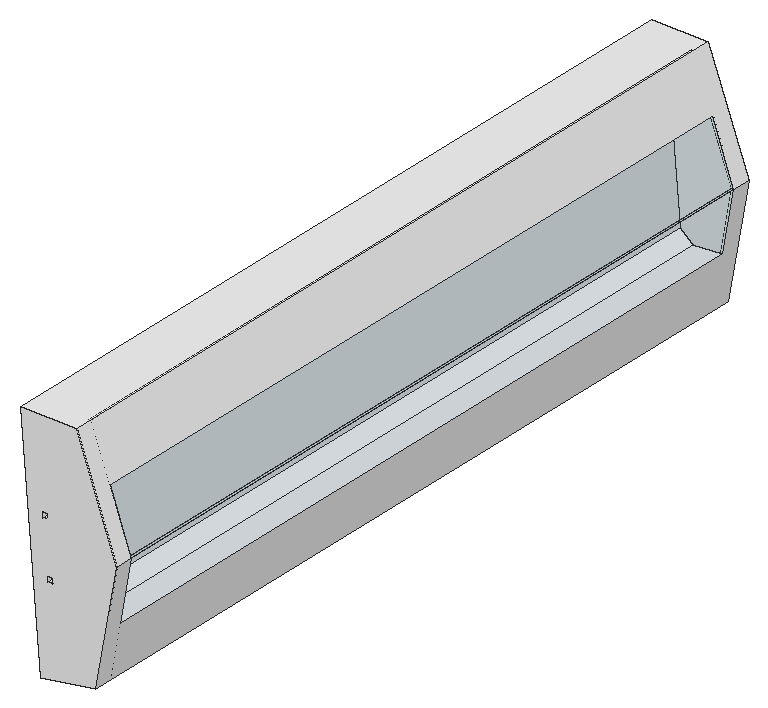
Revit family "TF1-rotation-non", category Lighting Fixtures, Revit 2020
Family settings
  Round Connector Dimension = Use Diameter
  Part Type = Normal
  Work Plane-Based = Yes
  Always vertical = No
  Cut with Voids When Loaded = Yes
  Light Source = No
  Shared = No
  Room Calculation Point = No
Parameters
  Swing Angle = -85.00°
  Default Elevation = 0 mm
Reference planes
  plane 1 "Center (Front/Back)": y = 0
  plane 2: z = 0
  plane 3 "Center (Left/Right)": x = 0
  plane 4: z = 350
  plane 5: z = 490
  plane 6: x = 105
  plane 7: x = -105
  plane 8: y = 775
  plane 9: y = -775
  plane 10: x = 55
  plane 11: x = -55
  plane 12: y = -345
  plane 13: y = 345
  plane 14: y = -740
  plane 15: y = 740
  plane 16: through (-99.619, -4572, 341.284) normal (0.9962, 0, 0.0872)
  plane 17: through (99.619, -4572, 358.716) normal (0.9962, 0, 0.0872)
Forms (mm)
  Extrusion 1, solid, material "Aluminum"
    sketch origin (0, 0, 350) x (0.087156, 0, -0.996195) y (0.996195, 0, 0.087156)
      loop
        line (0, 140) -> (-222.163, 80.472) -> (-231.75, -29.11) -> (231.75, -29.11) -> (222.163, 80.472) -> (0, 140)
    from -775 to 775
  Extrusion 2, solid, material "Glass"
    sketch origin (0, 0, 350) x (0.087156, 0, -0.996195) y (0.996195, 0, 0.087156)
      loop
        line (0, 140) -> (-222.163, 80.472) -> (-222.506, 76.548) -> (-217.487, 76.548) -> (0, 134.824) -> (217.487, 76.548) -> (222.506, 76.548) -> (222.163, 80.472) -> (0, 140)
    from -740 to 740
  Extrusion 3, void
    sketch origin (0, 0, 350) x (-0.087156, 0, 0.996195) y (0.996195, 0, 0.087156)
      loop
        line (50, 0) -> (60, 0) -> (60, 10) -> (50, 10) -> (50, 0)
      loop
        line (-50, 0) -> (-50, 10) -> (-60, 10) -> (-60, 0) -> (-50, 0)
    from -775 to 775
  Extrusion 4, void
    sketch origin (0, 0, 350) x (-0.087156, 0, 0.996195) y (0.996195, 0, 0.087156)
      loop
        line (118.5, 140) -> (-118.5, 140) -> (-118.5, 48.855) -> (-94.645, 25) -> (94.645, 25) -> (118.5, 48.855) -> (118.5, 140)
    from -740 to 740
Cuts and joins
  Extrusion 3, Extrusion 4 cuts Extrusion 1
Lines and regions (mm)
  reference lines
    curve 1: line (0, 0, 350) -> (32.248, 0, -18.592)
Dimensions and locks
  plane 5 to plane 4 = 140 mm
  plane 9 to plane 8 = 1550 mm
  equal spacing: plane 9, plane 1 "Center (Front/Back)", plane 8
  plane 9 to plane 1 "Center (Front/Back)" to plane 8 = 775 mm, 775 mm
  "Swing Angle": angle plane 4 to curve 1
  aligned and locked: plane 3 "Center (Left/Right)" to curve 1
  aligned and locked: plane 4 to curve 1
  aligned and locked: plane 9 to Extrusion 1
  aligned and locked: plane 8 to Extrusion 1
  aligned and locked: Extrusion 2 to plane 15
  aligned and locked: plane 9 to Extrusion 3
  aligned and locked: plane 8 to Extrusion 3
  aligned and locked: Extrusion 4 to plane 15
  aligned and locked: Extrusion 4 to plane 14
Automatic sketch dimensions
  Extrusion 1 sketch curve to curve 1 = 0 mm
  curve 1 to Extrusion 1 sketch curve = 140 mm
  Extrusion 1 sketch curve to curve 1 = 80.472 mm  (x2)
  Extrusion 1 sketch curve to curve 1 = 222.163 mm
  curve 1 to Extrusion 1 sketch curve = 29.11 mm
  Extrusion 1 sketch curve to Extrusion 1 sketch curve = 9.587 mm  (x2)
  Extrusion 1 sketch curve to curve 1 = 147.837 mm
  Extrusion 2 sketch curve to curve 1 = 0 mm  (x2)
  curve 1 to Extrusion 2 sketch curve = 134.824 mm
  curve 1 to Extrusion 2 sketch curve = 140 mm
  Extrusion 2 sketch curve to curve 1 = 76.548 mm  (x2)
  Extrusion 2 sketch curve to curve 1 = 217.487 mm
  Extrusion 2 sketch curve to curve 1 = 80.472 mm
  Extrusion 2 sketch curve to Extrusion 2 sketch curve = 4.676 mm  (x2)
  Extrusion 2 sketch curve to Extrusion 2 sketch curve = 0.343 mm  (x2)
  Extrusion 2 sketch curve to curve 1 = 152.513 mm
  Extrusion 2 sketch curve to Extrusion 2 sketch curve = 3.923 mm
  Extrusion 3 sketch curve to curve 1 = 0 mm  (x2)
  Extrusion 3 sketch curve to Extrusion 3 sketch curve = 10 mm  (x3)
  curve 1 to Extrusion 3 sketch curve = 50 mm
  curve 1 to Extrusion 3 sketch curve = 10 mm
  curve 1 to Extrusion 4 sketch curve = 48.855 mm
  Extrusion 4 sketch curve to curve 1 = 118.5 mm
  Extrusion 4 sketch curve to Extrusion 4 sketch curve = 23.855 mm  (x3)
  curve 1 to Extrusion 4 sketch curve = 25 mm
  Extrusion 4 sketch curve to Extrusion 4 sketch curve = 91.145 mm
  Extrusion 3 sketch curve to curve 1 = 50 mm
  curve 1 to Extrusion 4 sketch curve = 94.645 mm
